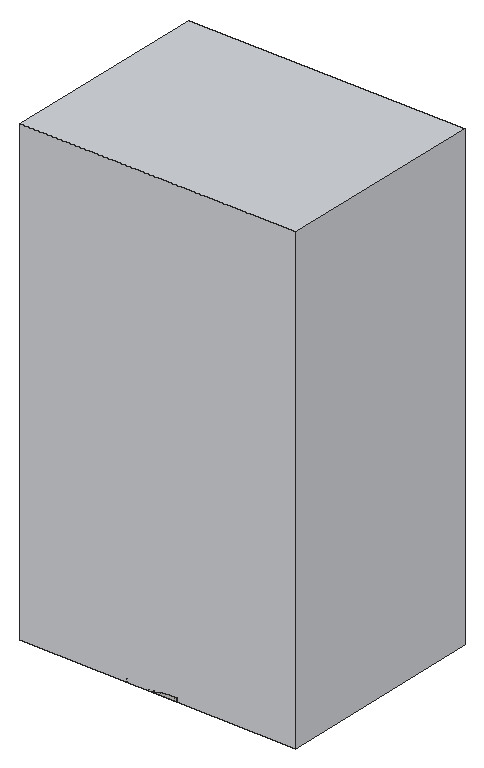
Revit family
Parameters
  Warranty Duration (Years) = 0
  URL = "http://www.americanspecialties.com/viewCategories.cfm"
  Trim Material = Plastic 2
  Test Data = ""
  Specification = "http://www.arcat.com/sdspecs/htm/10810asi.htm"
  SpecWizard = ""
  Send Message = "http://www.arcat.com/users.pl?action=UserEmail&company=American%20Specialties,%20Inc.&coid=30448&rep=139&fax=914-476-0688&mf="
  Sales Information = "http://www.americanspecialties.com/contact"
  Revision = "R1_10-2010"
  Product Properties = "http://www.americanspecialties.com/datasheets/0345.pdf"
  Product Data = "http://www.arcat.com/arcatcos/cos30/arc30448.html"
  Model = "As Specified in 10 28 13"
  Manufacturer Website = "http://www.americanspecialties.com/viewCategories.cfm"
  Manufacturer Phone - Toll Free = ""
  Manufacturer Phone = "914-476-9000 "
  Manufacturer Fax = "914-476-0688"
  Manufacturer Address = "441 Saw Mill River Rd., Yonkers, NY 10701"
  Manufacturer = "American Specialties, Inc."
  Maintenance Schedule (Months) = 0
  Keynote = "10 28 13"
  Installation-Fabrication = "http://www.americanspecialties.com/products.cfm"
  Green Building-LEED = ""
  Expected Lifespan (Years) = 0
  Drawn By = "Robert S. Weygant. CSI, CDT, SCIP"  # constant formula
  Description = "Toilet Accessory as Specified in 10 28 13"
  Default Elevation = 4' - 0"
  Copyright = "©Arcat Inc."
  Construction Details = "http://www.arcat.com/green/clients/leed_data_30448.html"
  Building Codes = "http://www.americanspecialties.com/products.cfm"
  Body Material = Metal - Stainless Steel
  Assembly Code = "C1030210"
Reference planes (in)
  plane 1 "Center (Front/Back)": y = -0.29112
  plane 2 "Floor Line": z = 0
  plane 3 "Center (Left/Right)": x = -0.65843
Forms (in)
  Extrusion 1, solid
    sketch origin (-3, -9, -6) x (0, 0, -1) y (1, 0, 0)
      loop
        line (-82, 26) -> (-82, -19.34712) -> (-6, -19.34712) -> (-6, 26) -> (-82, 26)
    from 9 to -25.60721
  Sweep 2, solid, material "Metal - Stainless Steel" <- "Body Material"
    path origin (0, 0.00036, 0) x (1, 0, 0) y (0, 1, 0)
      loop
        line (-4.75218, -13.8125) -> (-4.75218, -18) -> (3.43532, -18) -> (3.43532, -13.8125) -> (-4.75218, -13.8125)
    profile origin (-0.65843, -13.81214, 0) x (0, 1, 0) y (0, 0, 1)
      loop
        line (0.00036, 0) -> (0.00036, 0.5)
        arc (0.00036, 0.5) -> (-0.10567, 0.54392) -> (-0.14959, 0.64995) r 0.14995
        line (-0.14959, 0.64995) -> (-0.14959, 2.85156)
        arc (-0.14959, 2.85156) -> (-0.19307, 2.95652) -> (-0.29803, 3) r 0.14844
        line (-0.29803, 3) -> (-0.52444, 3) -> (-0.52444, 0) -> (0.00036, 0)
  Extrusion 3, solid, material "Metal - Stainless Steel" <- "Body Material"
    sketch origin (0, 0.00036, 0) x (1, 0, 0) y (0, 1, 0)
      loop
        line (-4.22774, -14.33702) -> (-4.22774, -17.47556) -> (2.91086, -17.47556) -> (2.91086, -14.33702) -> (-4.22774, -14.33702)
    from 0 to 3
  Extrusion 4, solid, material "Plastic 2" <- "Trim Material"
    sketch origin (0, -0.11512, 0) x (1, 0, 0) y (0, 0, 1)
      loop
        line (-1.57759, 3.32864) -> (0.26072, 3.32864) -> (0.26072, 3.65744)
        arc (0.26072, 3.65744) -> (-0.65843, 3.93375) -> (-1.57759, 3.65744) r 1.66696
        line (-1.57759, 3.65744) -> (-1.57759, 3.32864)
    from 16.01216 to 17.2348
  Extrusion 5, solid, material "Plastic 2" <- "Trim Material"
    sketch origin (0, -0.11512, 0) x (1, 0, 0) y (0, 0, 1)
      loop
        line (-0.65843, 3.00018) -> (-0.04576, 3.00018)
        arc (-0.04576, 3.00018) -> (-0.00576, 3.04018) -> (-0.04576, 3.08018) r 0.04
        line (-0.04576, 3.08018) -> (-0.10061, 3.08018) -> (-0.10061, 3.32864) -> (-1.21626, 3.32864) -> (-1.21626, 3.08018) -> (-1.27111, 3.08018)
        arc (-1.27111, 3.08018) -> (-1.31111, 3.04018) -> (-1.27111, 3.00018) r 0.04
        line (-1.27111, 3.00018) -> (-0.65843, 3.00018)
    from 16.14786 to 17.10811
  Blend 6, solid, material "Plastic 2" <- "Trim Material"
    base sketch origin (0, 0.35132, 0) x (1, 0, 0) y (0, 1, 0)
      loop
        circle (-0.65843, -15.83515) r 0.35064
    top sketch origin (0, 0.35132, 0) x (1, 0, 0) y (0, 1, 0)
      loop
        circle (-0.65843, -15.83515) r 0.25
    from 3.00018 to 3.08018
  Extrusion 7, void
    sketch origin (0, 0.176, 0) x (1, 0, 0) y (0, 1, 0)
      loop
        arc (-0.91971, -16.68965) -> (-0.99153, -16.7194) -> (-1.02127, -16.79121) r 0.10156
        line (-1.02127, -16.79121) -> (-1.02127, -17.06078)
        arc (-1.02127, -17.06078) -> (-0.99153, -17.1326) -> (-0.91971, -17.16235) r 0.10156
        line (-0.91971, -17.16235) -> (-0.37284, -17.16235)
        arc (-0.37284, -17.16235) -> (-0.30102, -17.1326) -> (-0.27127, -17.06078) r 0.10156
        line (-0.27127, -17.06078) -> (-0.27127, -16.79121)
        arc (-0.27127, -16.79121) -> (-0.30102, -16.7194) -> (-0.37284, -16.68965) r 0.10156
        line (-0.37284, -16.68965) -> (-0.91971, -16.68965)
    from 3.87173 to 3.96113
  Extrusion 8, void
    sketch origin (-0.65843, 0, 0) x (0, 1, 0) y (0, 0, 1)
      loop
        line (-16.39743, 3.19053) -> (-16.39743, 3.32864) -> (-17.07976, 3.32864) -> (-17.07976, 3.19053) -> (-16.39743, 3.19053)
    from -0.91916 to 0.91916
Cuts and joins
  joined: Sweep 2, Extrusion 3
  Extrusion 7, Extrusion 8 cuts Extrusion 4
  Extrusion 8 cuts Extrusion 5
Dimensions and locks (in)
  aligned and locked: Extrusion 1 to level
  aligned and locked: Blend 6 to Extrusion 5
  aligned and locked: Extrusion 5 to Blend 6
  aligned and locked: cut or joined group of Extrusion 4, Extrusion 7, Extrusion 8 to Extrusion 8
